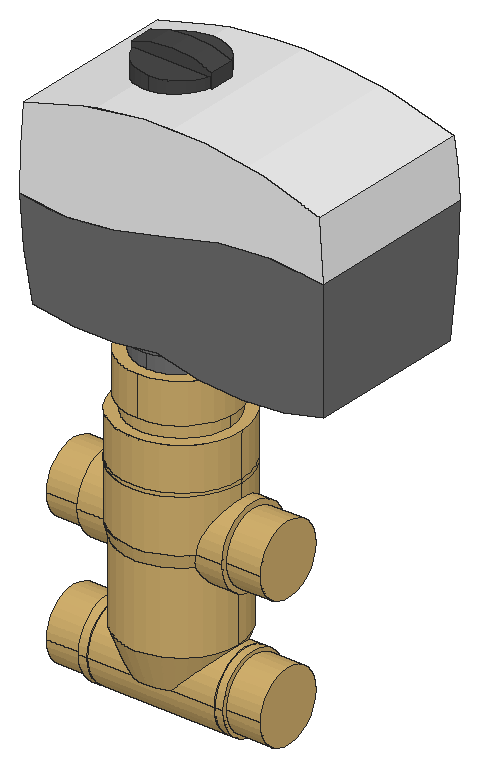
Revit family "VZ4_DN15-20_AMV(E) 130 H_140 H_RFA_1", category Pipe Accessories, Revit 2019
Family settings
  Round Connector Dimension = Use Diameter
  Part Type = Valve - Breaks Into
  OmniClass Number = 23.65.55.14.17
  OmniClass Title = Adjusting/Controlling Valves for Liquid Services
  Work Plane-Based = No
  Always vertical = Yes
  Cut with Voids When Loaded = No
  Shared = No
Parameters (values of type "VZ4_DN15_Kvs0.25_065Z5510")
  Weight = 0.51 kg
  W = 51.5 mm  # constant formula
  Voltage = if(or(Actuator Type = [082H8041], Actuator Type = [082H8043]), 230 V, 24 V)  # 24 V
  Valve Body Material = Danfoss Brass (DZR)
  URL = "https://store.danfoss.com/en/Climate-Solutions-for-heating/Motorised-Control-Valves-/Globe-Valves/Valves-for-Terminal-%26-Zone/c/4107?q=%3Arelevance%3Adanfoss_producttypehierarchydesc%3A6cc733bfba1914d8ebc07122ec55f7d9897b4040&page=0&pageSize=10"
  Stroke = "5.5 mm"  # constant formula
  R5 = 18.5 mm
  R6 = 13 mm
  R3 = 11.5 mm
  R4 = 18.5 mm
  R2 = 12 mm
  R1_1 = 11.5 mm
  R1 = 10.5 mm
  Pressure Drop [instance] = 0.0 bar
  Power = if(or(Actuator Type = [082H8041], Actuator Type = [082H8043]), 8 VA, if(or(Actuator Type = [082H8040], Actuator Type = [082H8042]), 1 VA, 1.3 VA))  # 1.3 VA
  Nominal Pressure = "PN 16"  # constant formula
  Model Type = "VZ4_DN15_Kvs0.25"
  Model = "065Z5510"
  Min Medium Temperature = "2°C"  # constant formula
  Max Operating Pressure = "1 bar"  # constant formula
  Max Medium Temperature = "120°C"  # constant formula
  Max Differential Pressure = "3.5 bar"
  Manufacturer = "Danfoss"  # constant formula
  LOD 350 = not(LOD 200)  # yes
  LOD 200 = no
  L1 = 10.5 mm
  L = 65 mm
  Kvs (B-AB) = 0.25 m³/h
  Kvs (A-AB) = 0.25 m³/h
  IfcExportType = "VZ4"  # constant formula
  IfcExportAs = "IfcValveType"  # constant formula
  Ha [instance] = 129.6 mm
  H3 = 51.5 mm
  H1 = 4 mm
  H2 = 30 mm  # constant formula
  H [instance] = 181.1 mm
  Flow [instance] = 0.0 m³/h
  E1 = 17 mm
  Description = "Motorized Control Valve"  # constant formula
  D1 = R2 * 2  # 24 mm
  D = 15 mm
  Connection = "External Thread"  # constant formula
  C = 40 mm
  Actuator Type = AMV(E) 130 H_140 H_RFA : AME 130 H_24V_082H8046
  082H8043 = AMV(E) 130 H_140 H_RFA : AMV 140 H_230V_082H8043
  082H8042 = AMV(E) 130 H_140 H_RFA : AMV 140 H_24V_082H8042
  082H8041 = AMV(E) 130 H_140 H_RFA : AMV 130 H_230V_082H8041
  082H8040 = AMV(E) 130 H_140 H_RFA : AMV 130 H_24V_082H8040
Types (9, lengths in mm): name | Weight | Voltage | R5 | R3 | R2 | R1_1 | R1 | Power | Model Type | Model | Max Differential Pressure | L1 | L | Kvs (B-AB) | Kvs (A-AB) | H3 | H1 | E1 | D1 | D | C | Actuator Type
  (no name) | 0.51 kg | 24 V | 18.5 | 11.5 | 12 | 11.5 | 10.5 | 1.3 VA | "VZ4_DN15_Kvs0.25" | "065Z5510" | "3.5 bar" | 10.5 | 65 | 0.25 m³/h | 0.25 m³/h | 51.5 | 4 | 17 | 24 | 15 | 40 | AMV(E) 130 H_140 H_RFA : AME 130 H_24V_082H8046
  VZ4_DN20_Kvs2.5_065Z5520 | 0.62 kg | 24 V | 22.123 | 12 | 17.5 | 14.3 | 14.3 | 1.3 VA | "VZ4_DN20_Kvs2.5" | "065Z5520" | "2.5 bar" | 11.5 | 77 | 1.6 m³/h | 2.5 m³/h | 64.5 | 8.8 | 21 | 35 | 20 | 50 | AMV(E) 130 H_140 H_RFA : AME 130 H_24V_082H8046
  VZ4_DN15_Kvs0.4_065Z5511 | 0.51 kg | 24 V | 18.5 | 11.5 | 12 | 11.5 | 10.5 | 1.3 VA | "VZ4_DN15_Kvs0.4" | "065Z5511" | "3.5 bar" | 10.5 | 65 | 0.25 m³/h | 0.4 m³/h | 51.5 | 4 | 17 | 24 | 15 | 40 | AMV(E) 130 H_140 H_RFA : AME 130 H_24V_082H8046
  VZ4_DN15_Kvs0.63_065Z5512 | 0.51 kg | 24 V | 18.5 | 11.5 | 12 | 11.5 | 10.5 | 1.3 VA | "VZ4_DN15_Kvs0.63" | "065Z5512" | "3.5 bar" | 10.5 | 65 | 0.4 m³/h | 0.63 m³/h | 51.5 | 4 | 17 | 24 | 15 | 40 | AMV(E) 130 H_140 H_RFA : AME 130 H_24V_082H8046
  VZ4_DN15_Kvs1.0_065Z5513 | 0.51 kg | 24 V | 18.5 | 11.5 | 12 | 11.5 | 10.5 | 1.3 VA | "VZ4_DN15_Kvs1.0" | "065Z5513" | "3.5 bar" | 10.5 | 65 | 0.63 m³/h | 1.0 m³/h | 51.5 | 4 | 17 | 24 | 15 | 40 | AMV(E) 130 H_140 H_RFA : AME 130 H_24V_082H8046
  VZ4_DN15_Kvs1.6_065Z5514 | 0.51 kg | 24 V | 18.5 | 11.5 | 12 | 11.5 | 10.5 | 1.3 VA | "VZ4_DN15_Kvs1.6" | "065Z5514" | "3.5 bar" | 10.5 | 65 | 1.0 m³/h | 1.6 m³/h | 51.5 | 4 | 17 | 24 | 15 | 40 | AMV(E) 130 H_140 H_RFA : AME 130 H_24V_082H8046
  VZ4_DN15_Kvs2.5_065Z5515 | 0.51 kg | 24 V | 18.5 | 11.5 | 12 | 11.5 | 10.5 | 1.3 VA | "VZ4_DN15_Kvs2.5" | "065Z5515" | "3.5 bar" | 10.5 | 65 | 1.6 m³/h | 2.5 m³/h | 51.5 | 4 | 17 | 24 | 15 | 40 | AMV(E) 130 H_140 H_RFA : AME 130 H_24V_082H8046
  VZ4_DN20_Kvs4.0_065Z5521 | 0.62 kg | 230 V | 22.123 | 12 | 17.5 | 14.3 | 14.3 | 8 VA | "VZ4_DN20_Kvs4.0" | "065Z5521" | "2.5 bar" | 11.5 | 77 | 2.5 m³/h | 4.0 m³/h | 64.5 | 8.8 | 21 | 35 | 20 | 50 | AMV(E) 130 H_140 H_RFA : AMV 140 H_230V_082H8043
  VZ4_DN15_Kvs0.25_065Z5510 | 0.51 kg | 24 V | 18.5 | 11.5 | 12 | 11.5 | 10.5 | 1.3 VA | "VZ4_DN15_Kvs0.25" | "065Z5510" | "3.5 bar" | 10.5 | 65 | 0.25 m³/h | 0.25 m³/h | 51.5 | 4 | 17 | 24 | 15 | 40 | AMV(E) 130 H_140 H_RFA : AME 130 H_24V_082H8046
Reference planes
  plane 1 "Center (Front/Back)": y = 0
  plane 2: z = 0
  plane 3 "Center (Left/Right)": x = 0
  plane 4: z = -51.5
  plane 5: x = -32.5
  plane 6: x = 32.5
  plane 7: x = -22
  plane 8: x = 22
  plane 9: z = 30
  plane 10: z = 39.9
  plane 11 "c": z = -40
  plane 12: z = -40
  plane 13: x = -19.4
  plane 14: x = 19.4
  plane 15: z = -28.5
  plane 16: z = -4
  plane 17: z = 16
  plane 18: y = -25.75
  plane 19: y = 25.75
Forms (mm)
  Extrusion 1, solid, material "Danfoss Brass (DZR)" <- "Valve Body Material", visible <- "LOD 350", detail levels fine
    sketch origin (0, 0, 0) x (0, 1, 0) y (0, 0, 1)
      loop
        circle (0, 0) r 10.5
    from 22 to 32.5
  Extrusion 2, solid, material "Danfoss Brass (DZR)" <- "Valve Body Material", visible <- "LOD 350", detail levels fine
    sketch origin (0, 0, 0) x (0, 1, 0) y (0, 0, 1)
      loop
        circle (0, 0) r 10.5
    from -32.5 to -22
  Extrusion 3, solid, material "Danfoss Brass (DZR)" <- "Valve Body Material", visible <- "LOD 350", detail levels fine
    sketch origin (0, 0, 0) x (0, 1, 0) y (0, 0, 1)
      loop
        circle (0, 0) r 12
    from -22 to 22
  Extrusion 4, solid, material "Danfoss Brass (DZR)" <- "Valve Body Material", visible <- "LOD 350", detail levels fine
    sketch origin (0, 0, 0) x (1, 0, 0) y (0, 1, 0)
      loop
        circle (0, 0) r 17.5
    from -28.5 to -4
  Extrusion 5, solid, material "Danfoss Brass (DZR)" <- "Valve Body Material", visible <- "LOD 350", detail levels fine
    sketch origin (0, 0, 0) x (1, 0, 0) y (0, 1, 0)
      loop
        circle (0, 0) r 18.5
    from 17 <- "E1" to 30
  Extrusion 6, solid, material "Danfoss Brass (DZR)" <- "Valve Body Material", visible <- "LOD 200", detail levels fine
    sketch origin (0, 0, 0) x (0, 1, 0) y (0, 0, 1)
      loop
        circle (0, 0) r 10.5
    from -32.5 to 32.5
  Extrusion 7, solid, material "Danfoss Brass (DZR)" <- "Valve Body Material", visible <- "LOD 200", detail levels fine
    sketch origin (0, 0, 0) x (1, 0, 0) y (0, 1, 0)
      loop
        circle (0, 0) r 18.5
    from -40 to 39.9
  Extrusion 8, solid, material "Danfoss Brass (DZR)" <- "Valve Body Material", visible <- "LOD 350", detail levels fine
    sketch origin (0, 0, -40) x (0, 1, 0) y (0, 0, 1)
      loop
        circle (0, 0) r 11.5
    from -19.4 to 19.4
  Extrusion 9, solid, material "Danfoss Brass (DZR)" <- "Valve Body Material", visible <- "LOD 350", detail levels fine
    sketch origin (0, 0, -40.189) x (0, 1, 0) y (0, 0, 1)
      loop
        circle (0, 0.189) r 10.5
    from 22 to 32.5
  Extrusion 10, solid, material "Danfoss Brass (DZR)" <- "Valve Body Material", visible <- "LOD 350", detail levels fine
    sketch origin (0, 0, -40.189) x (0, 1, 0) y (0, 0, 1)
      loop
        circle (0, 0.189) r 10.5
    from -32.5 to -22
  Blend 11, solid, material "Danfoss Brass (DZR)" <- "Valve Body Material", visible <- "LOD 350", detail levels fine
    base sketch origin (0, 0, 0) x (0, 1, 0) y (0, 0, 1)
      loop
        circle (0, -40) r 11.5
    top sketch origin (0, 0, 0) x (0, 1, 0) y (0, 0, 1)
      loop
        circle (0, -40) r 11.5
    from -22 to -19.4
  Blend 12, solid, material "Danfoss Brass (DZR)" <- "Valve Body Material", visible <- "LOD 350", detail levels fine
    base sketch origin (0, 0, 0) x (0, 1, 0) y (0, 0, -1)
      loop
        circle (0, 40) r 11.5
    top sketch origin (0, 0, 0) x (0, 1, 0) y (0, 0, -1)
      loop
        circle (0, 40) r 11.5
    from -22 to -19.4
  Extrusion 13, solid, material "Danfoss Brass (DZR)" <- "Valve Body Material", visible <- "LOD 200", detail levels fine
    sketch origin (0, 0, -49.6) x (0, 1, 0) y (0, 0, 1)
      loop
        circle (0, 9.6) r 10.5
    from -32.5 to 32.5
  Blend 14, solid, material "Danfoss Brass (DZR)" <- "Valve Body Material", visible <- "LOD 350", detail levels fine
    base sketch origin (0, 0, 0) x (1, 0, 0) y (0, 1, 0)
      loop
        circle (0, 0) r 17.5
    top sketch origin (0, 0, 0) x (1, 0, 0) y (0, 1, 0)
      loop
        circle (0, 0) r 13
    from -28.5 to -40
  Revolve 15, solid, material "Danfoss Brass (DZR)" <- "Valve Body Material", visible <- "LOD 350", detail levels fine
    sketch origin (0, 0, 0) x (1, 0, 0) y (0, 0, 1)
      loop
        line (0, 39.9) -> (0, 30) -> (15, 30) -> (15, 39.9) -> (0, 39.9)
      axis (0, 39.9) -> (0, 30)
    angle from 0 to 360
  Extrusion 16, solid, material "Danfoss Brass (DZR)" <- "Valve Body Material", visible <- "LOD 350", detail levels fine
    sketch origin (0, 0, 0) x (1, 0, 0) y (0, 1, 0)
      loop
        circle (0, 0) r 18.5
    from 0 to 16
  Blend 17, solid, material "Danfoss Brass (DZR)" <- "Valve Body Material", visible <- "LOD 350", detail levels fine
    base sketch origin (0, 0, 0) x (1, 0, 0) y (0, 1, 0)
      loop
        circle (0, 0) r 18.5
    top sketch origin (0, 0, 0) x (1, 0, 0) y (0, 1, 0)
      loop
        circle (0, 0) r 18.5
    from 16 to 17 <- "E1"
  Blend 18, solid, material "Danfoss Brass (DZR)" <- "Valve Body Material", visible <- "LOD 350", detail levels fine
    base sketch origin (0, 0, 0) x (1, 0, 0) y (0, 1, 0)
      loop
        circle (0, 0) r 17.5
    top sketch origin (0, 0, 0) x (1, 0, 0) y (0, 1, 0)
      loop
        circle (0, 0) r 18.5
    from -4 to 0
Dimensions and locks
  "H3": level to plane 4
  "H2": plane 9 to level
  "L": plane 6 to plane 5
  "L1": plane 7 to plane 5
  "L1": plane 6 to plane 8
  equal spacing: plane 6, plane 3 "Center (Left/Right)", plane 5
  locked: plane 10 to plane 9 at 9.9
  level to plane 4 = 51.5 mm
  "R3": plane 12 to plane 4
  "C": level to plane 11 "c"
  locked: plane 13 to plane 7 at 2.6
  locked: plane 8 to plane 14 at 2.6
  "R3": plane 15 to plane 11 "c"
  Revolve 15 sketch curve to Revolve 15 sketch curve = 15 mm
  locked: plane 17 to level at 16
  "H1": level to plane 16
  level to plane 11 "c" = 40 mm
  equal spacing: plane 18, plane 1 "Center (Front/Back)", plane 19
  "W": plane 18 to plane 19
  locked: plane 10 to nested 2 at 5.6
  "Ha": nested 2 to plane 2
  "H": nested 2 to plane 4
  "R1": radius of Extrusion 1 sketch curve
  "R1": radius of Extrusion 2 sketch curve
  "R2": radius of Extrusion 3 sketch curve
  "R4": radius of Extrusion 5 sketch curve
  "R1": radius of Extrusion 6 sketch curve
  "R3": radius of Extrusion 8 sketch curve
  "R1": radius of Extrusion 9 sketch curve
  "R1": radius of Extrusion 10 sketch curve
  "R1_1": radius of Blend 11 sketch curve
  "R3": radius of Blend 11 sketch curve
  "R1_1": radius of Blend 12 sketch curve
  "R3": radius of Blend 12 sketch curve
  "R1": radius of Extrusion 13 sketch curve
  "R6": radius of Blend 14 sketch curve
  "R5": radius of Extrusion 16 sketch curve
  "R5": radius of Blend 17 sketch curve
  "R4": radius of Blend 17 sketch curve
  "R5": radius of Blend 18 sketch curve
  radius of Extrusion 4 sketch curve = 17.5 mm
  radius of Blend 18 sketch curve = 17.5 mm
  "R4": radius of Extrusion 7 sketch curve
  radius of Blend 14 sketch curve = 17.5 mm
  aligned and locked: level to plane 2
  aligned and locked: plane 1 "Center (Front/Back)" to Extrusion 1 sketch curve
  aligned and locked: level to Extrusion 1 sketch curve
  aligned and locked: plane 6 to Extrusion 1
  aligned and locked: Extrusion 1 to plane 8
  aligned and locked: plane 1 "Center (Front/Back)" to Extrusion 2 sketch curve
  aligned and locked: level to Extrusion 2 sketch curve
  aligned and locked: Extrusion 2 to plane 5
  aligned and locked: plane 7 to Extrusion 2
  aligned and locked: plane 1 "Center (Front/Back)" to Extrusion 3 sketch curve
  aligned and locked: level to Extrusion 3 sketch curve
  aligned and locked: Extrusion 3 to plane 7
  aligned and locked: plane 8 to Extrusion 3
  aligned and locked: plane 3 "Center (Left/Right)" to Extrusion 4 sketch curve
  aligned and locked: plane 1 "Center (Front/Back)" to Extrusion 4 sketch curve
  aligned and locked: plane 3 "Center (Left/Right)" to Extrusion 5 sketch curve
  aligned and locked: plane 1 "Center (Front/Back)" to Extrusion 5 sketch curve
  aligned and locked: plane 9 to Extrusion 5
  aligned and locked: plane 1 "Center (Front/Back)" to Extrusion 6 sketch curve
  aligned and locked: level to Extrusion 6 sketch curve
  aligned and locked: Extrusion 6 to plane 5
  aligned and locked: plane 6 to Extrusion 6
  aligned and locked: plane 3 "Center (Left/Right)" to Extrusion 7 sketch curve
  aligned and locked: plane 1 "Center (Front/Back)" to Extrusion 7 sketch curve
  aligned and locked: plane 10 to Extrusion 7
  aligned and locked: plane 1 "Center (Front/Back)" to Extrusion 10 sketch curve
  aligned and locked: plane 11 "c" to Extrusion 10 sketch curve
  aligned and locked: plane 1 "Center (Front/Back)" to Extrusion 8 sketch curve
  aligned and locked: plane 1 "Center (Front/Back)" to Extrusion 9 sketch curve
  aligned and locked: plane 11 "c" to Extrusion 9 sketch curve
  aligned and locked: Extrusion 10 to plane 5
  aligned and locked: plane 6 to Extrusion 9
  aligned and locked: plane 7 to Extrusion 10
  aligned and locked: Extrusion 9 to plane 8
  aligned and locked: Extrusion 8 to plane 13
  aligned and locked: plane 14 to Extrusion 8
  aligned and locked: plane 1 "Center (Front/Back)" to Blend 11 sketch curve  (x2)
  aligned and locked: plane 11 "c" to Blend 11 sketch curve  (x2)
  aligned and locked: Blend 11 to plane 7
  aligned and locked: plane 13 to Blend 11
  aligned and locked: plane 8 to Blend 12
  aligned and locked: Blend 12 to plane 14
  aligned and locked: plane 1 "Center (Front/Back)" to Extrusion 13 sketch curve
  aligned and locked: plane 11 "c" to Extrusion 13 sketch curve
  aligned and locked: plane 11 "c" to Extrusion 8 sketch curve
  aligned and locked: Extrusion 7 to plane 11 "c"
  aligned and locked: Extrusion 13 to plane 5
  aligned and locked: plane 6 to Extrusion 13
  aligned and locked: Extrusion 4 to plane 15
  aligned and locked: plane 3 "Center (Left/Right)" to Blend 14 sketch curve  (x2)
  aligned and locked: plane 1 "Center (Front/Back)" to Blend 14 sketch curve  (x2)
  aligned and locked: plane 15 to Blend 14
  aligned and locked: Blend 14 to plane 11 "c"
  aligned and locked: plane 1 "Center (Front/Back)" to nested 1
  aligned and locked: plane 3 "Center (Left/Right)" to nested 1
  aligned and locked: nested 1 to plane 3 "Center (Left/Right)"
  aligned and locked: Revolve 15 sketch curve to plane 3 "Center (Left/Right)"  (x2)
  aligned and locked: Revolve 15 sketch curve to plane 9
  aligned and locked: Revolve 15 sketch curve to plane 10
  aligned and locked: Revolve 15 sketch curve to Extrusion 4
  aligned and locked: plane 17 to Extrusion 16
  aligned and locked: Blend 17 to plane 17
  aligned and locked: Blend 18 to plane 16
  aligned and locked: level to Blend 18
  aligned and locked: plane 16 to Extrusion 4
  aligned and locked: plane 3 "Center (Left/Right)" to nested 2
  aligned and locked: nested 2 to plane 1 "Center (Front/Back)"
Automatic sketch dimensions
  plane 1 "Center (Front/Back)" to Blend 18 sketch curve = 0 mm  (x2)
  Blend 18 sketch curve to plane 3 "Center (Left/Right)" = 0 mm  (x2)
  plane 10 to Revolve 15 sketch curve = 12.3 mm
  Blend 12 sketch curve to plane 1 "Center (Front/Back)" = 0 mm  (x2)
  Blend 12 sketch curve to plane 11 "c" = 0 mm  (x2)
  plane 1 "Center (Front/Back)" to Extrusion 16 sketch curve = 0 mm
  Extrusion 16 sketch curve to plane 3 "Center (Left/Right)" = 0 mm
  plane 1 "Center (Front/Back)" to Blend 17 sketch curve = 0 mm  (x2)
  Blend 17 sketch curve to plane 3 "Center (Left/Right)" = 0 mm  (x2)
Nested families
  nested 1: "Schematic_4-Way Valve" at (0, 0, 0), type "Schematic_4-Way Valve", detail levels coarse+medium
  nested 2: "AMV(E) 130 H_140 H_RFA" at (0, 0, 34.3) x (0, 1, 0) z (0, 0, 1), LOD 200 <- "LOD 200", type <- "Actuator Type", Voltage <- "Voltage", Power <- "Power", type "AME 130 H_24V_082H8046", detail levels fine
    with Voltage 24 V, Power 1.3 VA, LOD 350 yes, LOD 200 no
Connectors
  piping at (32.5, 0, 0), diameter 15, driven by "D", driven by "Flow"
    settings: on Extrusion 1, index 1, connector inside diameter 609.6 mm, connector length 0 mm, flow factor 0, pipe flow 0.0 m³/h, pressure drop 0.0 bar, fitting loss kfactor 0, connector angle 0.00°, fixture units 0, engagement length 0 mm, angle of deflection 0.00°, flow configuration 0, flow direction 2, fitting loss method 0, system type 29, joint type 0, gender type 0, connector reference index 2, connector utility 0, adjustable connector no, is connector primary no, connector description "AB"
  piping at (-32.5, 0, 0), diameter 15, driven by "D", driven by "Flow"
    settings: on Extrusion 2, index 2, connector inside diameter 609.6 mm, connector length 0 mm, flow factor 0, pipe flow 0.0 m³/h, pressure drop 0.0 bar, fitting loss kfactor 0, connector angle 0.00°, fixture units 0, engagement length 0 mm, angle of deflection 0.00°, flow configuration 0, flow direction 1, fitting loss method 0, system type 29, joint type 0, gender type 0, connector reference index 1, connector utility 0, adjustable connector no, is connector primary yes, connector description "A"
  piping at (32.5, 0, -40), diameter 15, driven by "Flow", driven by "D"
    settings: on Extrusion 9, index 3, connector inside diameter 609.6 mm, connector length 0 mm, flow factor 0, pipe flow 0.0 m³/h, pressure drop 0.0 bar, fitting loss kfactor 0, connector angle 0.00°, fixture units 0, engagement length 0 mm, angle of deflection 0.00°, flow configuration 0, flow direction 1, fitting loss method 0, system type 29, joint type 0, gender type 0, connector reference index 4, connector utility 0, adjustable connector no, is connector primary no, connector description "B"
  piping at (-32.5, 0, -40), diameter 15, driven by "Flow", driven by "D"
    settings: on Extrusion 10, index 4, connector inside diameter 609.6 mm, connector length 0 mm, flow factor 0, pipe flow 0.0 m³/h, pressure drop 0.0 bar, fitting loss kfactor 0, connector angle 0.00°, fixture units 0, engagement length 0 mm, angle of deflection 0.00°, flow configuration 0, flow direction 2, fitting loss method 0, system type 29, joint type 0, gender type 0, connector reference index 3, connector utility 0, adjustable connector no, is connector primary no, connector description "B"
  electrical at (0, 0, 0), driven by "Voltage", driven by "Power"
    settings: index 8, voltage 24 V, apparent load 0 VA, apparent load phase1 1.3 VA, apparent load phase2 0 VA, apparent load phase3 0 VA, power factor 0.95, load classification "HVAC", number of poles 1, system type 31, power factor state 1, is connector primary yes, connector utility no, sub classification motor no, connector description ""
Definition of nested family "AMV(E) 130 H_140 H_RFA"
  Parameters (values of type "AME 130 H_24V_082H8046")
    Weight = 0.30 kg  # constant formula
    W3 = 28.8 mm
    W2 = 26 mm
    W1 = 33 mm
    W [instance] = 50 mm
    Voltage [instance] = 24 V
    URL = "https://store.danfoss.com/en/Climate-Solutions-for-heating/Motorised-Control-Valves/Actuators-for-Globe-Valves/Actuators-Without-Safety-Function/c/4109?q=%3Arelevance%3Adanfoss_producttypehierarchydesc%3AAME+130+H%3Adanfoss_producttypehierarchydesc%3AAME+140+H%3Adanfoss_producttypehierarchydesc%3AAMV+130+H%3Adanfoss_producttypehierarchydesc%3AAMV+140+H&page=0&pageSize=10"
    Type Comments = ""
    Speed = "24 s/mm"
    Safety Function = "No"  # constant formula
    Power Supply = "24 V"
    Power Consumption = "1.3 W"
    Power [instance] = 1.3 VA
    Output Signal = "NA"  # constant formula
    Model Type = "AME 130 H_24V"
    Model = "082H8046"
    Min Ambient Temperature = "0 °C"  # constant formula
    Max Stroke = 5.5 mm  # constant formula
    Max Medium Temperature = "130 °C"  # constant formula
    Max Ambient Temperature = "55 °C"  # constant formula
    Manufacturer = "Danfoss"  # constant formula
    LOD 350 [instance] = not(LOD 200)  # yes
    LOD 200 [instance] = no
    L1 = 28.4 mm
    L [instance] = 92.4 mm
    IfcExportType = "AME 130 H"
    IfcExportAs = "IfcActuatorType"  # constant formula
    H1 = 12 mm
    H [instance] = 95.3 mm
    Description = "Gear Actuator"  # constant formula
    Control Input Signal = "0-10 V / 0-20 mA"
    Closing Force = "200 N"  # constant formula
    Cable Length = 1500 mm  # constant formula
    Body Material = none
  Types (6, lengths in mm): name | Voltage | Speed | Power Supply | Power Consumption | Power | Model Type | Model | IfcExportType | Control Input Signal
    AME 130 H_24V_082H8046 | 24 V | "24 s/mm" | "24 V" | "1.3 W" | 1.3 VA | "AME 130 H_24V" | "082H8046" | "AME 130 H" | "0-10 V / 0-20 mA"
    AME 140 H_24V_082H8047 | 24 V | "12 s/mm" | "24 V" | "1.3 W" | 1.3 VA | "AME 140 H_24V" | "082H8047" | "AME 140 H" | "0-10 V / 0-20 mA"
    AMV 130 H_230V_082H8041 | 230 V | "24 s/mm" | "230 V" | "8 W" | 8 VA | "AMV 130 H_230V" | "082H8041" | "AMV 130 H" | "3-point"
    AMV 130 H_24V_082H8040 | 24 V | "24 s/mm" | "24 V" | "1 W" | 1 VA | "AMV 130 H_24V" | "082H8040" | "AMV 130 H" | "3-point"
    AMV 140 H_24V_082H8042 | 24 V | "12 s/mm" | "24 V" | "1 W" | 1 VA | "AMV 140 H_24V" | "082H8042" | "AMV 140 H" | "3-point"
    AMV 140 H_230V_082H8043 | 230 V | "12 s/mm" | "230 V" | "8 W" | 8 VA | "AMV 140 H_230V" | "082H8043" | "AMV 140 H" | "3-point"
  Reference planes
    plane 1 "Center (Front/Back)": y = 0
    plane 2: z = 0
    plane 3 "Center (Left/Right)": x = 0
    plane 4: z = 12
    plane 5: y = -64
    plane 6: y = 28.4
    plane 7: z = 95.3
    plane 8: x = 25
    plane 9: x = -25
    plane 10: x = -16.5
    plane 11: x = 16.5
    plane 12: z = 32
    plane 13: x = -13
    plane 14: x = 13
    plane 15: x = -14.4
    plane 16: x = 14.4
    plane 17 "Plane Bottom": z = 17.2
    plane 18: y = 25.9
    plane 19: y = 27.4
    plane 20: z = 80.4
    plane 21: y = -62.5
    plane 22: z = 23.2
    plane 23: z = 25.4
    plane 24: z = 55.5
    plane 25: z = 63
    plane 26: z = 64.5
    plane 27: z = 54
    plane 28: z = 20.7
    plane 29: y = -26
    plane 30: y = -38.5
    plane 31: z = 88.4
    plane 32: x = -24.5
    plane 33: x = 24.5
    plane 34: x = -23.5
    plane 35: x = 23.5
    plane 36: x = -27
    plane 37: x = 27
    plane 38: y = 27.9
    plane 39: x = -22.5
    plane 40: y = -63.5
    plane 41: x = 22.5
  Forms (mm)
    Extrusion 1, solid, detail levels fine
      sketch origin (0, 0, 0) x (1, 0, 0) y (0, 1, 0)
        loop
          circle (0, 0) r 16.5
      from 0 to 12
    Revolve 2, solid, material <- "Body Material", visible <- "LOD 350", detail levels fine
      sketch origin (0, 0, 0) x (1, 0, 0) y (0, 0, 1)
        loop
          line (-14.4, 17.2) -> (-13, 17.2) -> (-13, 12) -> (0, 12) -> (0, 32) -> (-14.4, 32) -> (-14.4, 17.2)
        axis (0, 32) -> (0, 12)
      angle from 0 to 360
    Extrusion 3, solid, material <- "Body Material", visible <- "LOD 350", detail levels fine
      sketch origin (0, 0, 0) x (0, 1, 0) y (0, 0, 1)
        loop
          arc (-64, 63) -> (-63.628, 44.185) -> (-62.5, 25.4) r 467.805
          arc (-62.5, 25.4) -> (-37.177, 21.094) -> (-11.807, 25.112) r 79.267
          arc (-11.807, 25.112) -> (7.062, 23.2) -> (25.9, 25.4) r 87.494
          arc (25.9, 25.4) -> (27.789, 40.397) -> (28.4, 55.5) r 178.069
          arc (28.4, 55.5) -> (14.2, 54) -> (0, 55.5) r 67.953
          arc (0, 55.5) -> (-16.037, 59.092) -> (-31.999, 63) r 834.074
          arc (-31.999, 63) -> (-48, 64.5) -> (-64, 63) r 86.072
      from -27 to 27
    Extrusion 4, solid, visible <- "LOD 350", detail levels fine
      sketch origin (0, 0, 0) x (0, 1, 0) y (0, 0, 1)
        loop
          arc (-62.5, 80.4) -> (-63.467, 71.719) -> (-64, 63) r 175.37
          arc (-64, 63) -> (-48, 64.5) -> (-31.999, 63) r 86.072
          arc (-31.999, 63) -> (-16.037, 59.092) -> (0, 55.5) r 834.074
          arc (0, 55.5) -> (14.2, 54) -> (28.4, 55.5) r 67.953
          arc (28.4, 55.5) -> (28.204, 67.962) -> (27.4, 80.4) r 255.314
          arc (27.4, 80.4) -> (-17.55, 88.505) -> (-62.5, 80.4) r 128.693
      from -27 to 27
    Extrusion 5, solid, material <- "Body Material", visible <- "LOD 350", detail levels fine
      sketch origin (0, 0, 17.2) x (-1, 0, 0) y (0, -1, 0)
        loop
          line (-2.173, 26) -> (-2.173, 38.5) -> (-9.373, 38.5) -> (-9.373, 26) -> (-2.173, 26)
      from 0 to 8.2
    Extrusion 6, void
      sketch origin (0, 0, 0) x (1, 0, 0) y (0, 0, 1)
        loop
          line (-24.358, 96.3) -> (24.197, 96.3)
          arc (24.197, 96.3) -> (25.812, 56.717) -> (23.013, 17.2) r 355.559
          line (23.013, 17.2) -> (29.5, 17.2) -> (29.5, 100.3) -> (-30, 100.3) -> (-30, 17.2) -> (-23.022, 17.2)
          arc (-23.022, 17.2) -> (-25.746, 56.715) -> (-24.358, 96.3) r 381.551
      from -39.301 to 75.38
    Revolve 7, solid, material <- "Body Material", visible <- "LOD 200", detail levels fine
      sketch origin (0, 0, 0) x (1, 0, 0) y (0, 0, 1)
        loop
          line (-13, 12) -> (0, 12) -> (0, 32) -> (-13, 32) -> (-13, 12)
        axis (0, 12) -> (0, 32)
      angle from 0 to 360
    Blend 8, solid, material <- "Body Material", visible <- "LOD 200", detail levels fine
      base sketch origin (0, 0, 0) x (1, 0, 0) y (0, 1, 0)
        loop
          line (-23.927, -62.5) -> (23.5, -62.5) -> (23.5, 25.9) -> (-23.927, 25.9) -> (-23.927, -62.5)
      top sketch origin (0, 0, 0) x (1, 0, 0) y (0, 1, 0)
        loop
          line (-25.723, 28.4) -> (-25.723, -64) -> (24.898, -64) -> (24.898, 28.4) -> (-25.723, 28.4)
      from 25.4 to 63
    Blend 9, solid, visible <- "LOD 200", detail levels fine
      base sketch origin (0, 0, 0) x (1, 0, 0) y (0, 1, 0)
        loop
          line (-25.723, 28.4) -> (-25.723, -64) -> (24.898, -64) -> (24.898, 28.4) -> (-25.723, 28.4)
      top sketch origin (0, 0, 0) x (1, 0, 0) y (0, 1, 0)
        loop
          line (-25.41, 27.4) -> (-25.41, -62.5) -> (25.377, -62.5) -> (25.377, 27.4) -> (-25.41, 27.4)
      from 63 to 88.4
    Extrusion 10, solid, visible <- "LOD 350", detail levels fine
      sketch origin (0, 0, 0) x (0, 1, 0) y (0, 0, 1)
        loop
          arc (12.233, 92.84) -> (-0.068, 95.3) -> (-12.368, 92.84) r 31.976
          line (-12.368, 92.84) -> (-12.368, 80.4) -> (12.233, 80.4) -> (12.233, 92.84)
      from -3.608 to 3.729
    Extrusion 11, solid, visible <- "LOD 350", detail levels fine
      sketch origin (0, 0, 0) x (1, 0, 0) y (0, 1, 0)
        loop
          circle (0, 0) r 12.233
      from 80.4 to 91.462
    Extrusion 12, solid, visible <- "LOD 200", detail levels fine
      sketch origin (0, 0, 0) x (1, 0, 0) y (0, 1, 0)
        loop
          circle (0, 0) r 12.233
      from 80.4 to 95.3
  Cuts and joins
    Extrusion 6 cuts Extrusion 3
    Extrusion 6 cuts Extrusion 4
  Dimensions and locks
    plane 5 to plane 6 = 92.4 mm
    equal spacing: plane 8, plane 3 "Center (Left/Right)", plane 9
    "W": plane 8 to plane 9
    locked: plane 7 to level at 95.3
    "H1": plane 4 to level
    equal spacing: plane 11, plane 3 "Center (Left/Right)", plane 10
    "W1": plane 11 to plane 10
    equal spacing: plane 14, plane 3 "Center (Left/Right)", plane 13
    "W2": plane 14 to plane 13
    equal spacing: plane 16, plane 3 "Center (Left/Right)", plane 15
    "W3": plane 16 to plane 15
    "L1": plane 1 "Center (Front/Back)" to plane 6
    plane 12 to level = 32 mm
    plane 17 "Plane Bottom" to plane 4 = 5.2 mm
    plane 17 "Plane Bottom" to level = 17.2 mm
    Extrusion 5 sketch curve to Extrusion 5 sketch curve = 7.2 mm
    plane 37 to plane 3 "Center (Left/Right)" to plane 36 = 27 mm, 27 mm
    plane 31 to level = 88.4 mm
    "H": plane 7 to level
    "L": plane 6 to plane 5
    diameter of Extrusion 1 sketch curve = 33 mm
    radius of Extrusion 11 sketch curve = 12.233 mm
    radius of Extrusion 12 sketch curve = 12.233 mm
    aligned and locked: level to plane 2
    aligned and locked: plane 4 to Extrusion 1
    aligned and locked: plane 15 to Revolve 2 sketch curve
    aligned and locked: Revolve 2 sketch curve to plane 12
    aligned and locked: Revolve 2 sketch curve to plane 17 "Plane Bottom"
    aligned and locked: Revolve 2 sketch curve to plane 13
    aligned and locked: Revolve 2 sketch curve to plane 4
    aligned and locked: plane 3 "Center (Left/Right)" to Revolve 2 sketch curve
    aligned and locked: Revolve 2 sketch curve to Revolve 2 sketch curve
    aligned and locked: Extrusion 5 sketch curve to plane 30
    aligned and locked: plane 29 to Extrusion 5 sketch curve
    aligned and locked: plane 23 to Extrusion 5
    aligned and locked: Extrusion 4 to plane 36
    aligned and locked: plane 37 to Extrusion 4
    aligned and locked: Extrusion 6 sketch curve to plane 17 "Plane Bottom"
    aligned and locked: Revolve 7 sketch curve to plane 4
    aligned and locked: Revolve 7 sketch curve to plane 13
    aligned and locked: Revolve 7 sketch curve to plane 3 "Center (Left/Right)"
    aligned and locked: Revolve 7 sketch curve to plane 12
    aligned and locked: Revolve 7 sketch curve to Revolve 7 sketch curve  (x2)
    aligned and locked: Blend 8 sketch curve to cut or joined group of Extrusion 3, Extrusion 6  (x4)
    aligned and locked: Blend 8 sketch curve to plane 18
    aligned and locked: Blend 8 sketch curve to plane 35
    aligned and locked: Blend 8 to plane 23
    aligned and locked: plane 25 to Blend 8
    aligned and locked: Blend 9 sketch curve to Blend 8  (x4)
    aligned and locked: Blend 9 sketch curve to cut or joined group of Extrusion 4, Extrusion 6  (x4)
    aligned and locked: Blend 9 to plane 25
    aligned and locked: Extrusion 10 sketch curve to plane 20
    aligned and locked: plane 1 "Center (Front/Back)" to Extrusion 11 sketch curve
    aligned and locked: plane 3 "Center (Left/Right)" to Extrusion 11 sketch curve
    aligned and locked: Extrusion 11 to plane 20
    aligned and locked: Extrusion 12 to plane 20
    aligned and locked: plane 7 to Extrusion 12
    aligned and locked: plane 31 to Blend 9
  Automatic sketch dimensions
    plane 1 "Center (Front/Back)" to Extrusion 1 sketch curve = 0 mm
    Extrusion 1 sketch curve to plane 3 "Center (Left/Right)" = 0 mm
    Revolve 2 sketch curve to plane 4 = 0 mm
    Revolve 2 sketch curve to plane 12 = 0 mm
    Extrusion 3 sketch curve to plane 5 = 0 mm
    Extrusion 3 sketch curve to plane 21 = 0 mm
    Extrusion 3 sketch curve to plane 25 = 0 mm  (x2)
    Extrusion 3 sketch curve to plane 1 "Center (Front/Back)" = 0 mm  (x2)
    Extrusion 3 sketch curve to plane 18 = 0 mm
    Extrusion 3 sketch curve to plane 6 = 0 mm
    Extrusion 3 sketch curve to plane 23 = 0 mm  (x2)
    Extrusion 3 sketch curve to plane 24 = 0 mm  (x2)
    Extrusion 3 sketch curve to plane 24 = 0.364 mm
    Extrusion 3 sketch curve to plane 21 = 14.5 mm
    plane 7 to Extrusion 3 sketch curve = 5.06 mm
    Extrusion 3 sketch curve to plane 21 = 25.773 mm
    Extrusion 3 sketch curve to plane 1 "Center (Front/Back)" = 6.393 mm
    Extrusion 3 sketch curve to plane 6 = 145.895 mm
    Extrusion 3 sketch curve to plane 25 = 0.167 mm
    Extrusion 3 sketch curve to level = 21.572 mm
    Extrusion 3 sketch curve to Extrusion 3 sketch curve = 11.261 mm
    Extrusion 4 sketch curve to plane 5 = 0 mm
    Extrusion 4 sketch curve to plane 20 = 0 mm  (x2)
    Extrusion 4 sketch curve to plane 21 = 0 mm
    Extrusion 4 sketch curve to plane 19 = 0 mm
    Extrusion 4 sketch curve to plane 6 = 0 mm
    Extrusion 4 sketch curve to plane 24 = 0 mm  (x2)
    Extrusion 4 sketch curve to plane 25 = 0 mm  (x2)
    plane 24 to Extrusion 4 sketch curve = 2.217 mm
    plane 24 to Extrusion 4 sketch curve = 1.156 mm
    Extrusion 4 sketch curve to level = 40.188 mm
    Extrusion 4 sketch curve to plane 21 = 14.5 mm
    Extrusion 4 sketch curve to level = 21.572 mm
    Extrusion 4 sketch curve to plane 1 "Center (Front/Back)" = 0 mm  (x2)
    Extrusion 4 sketch curve to plane 6 = 145.895 mm
    plane 3 "Center (Left/Right)" to Extrusion 5 sketch curve = 2.173 mm
    plane 34 to Extrusion 6 sketch curve = 0.478 mm
    plane 35 to Extrusion 6 sketch curve = 0.487 mm
    Extrusion 6 sketch curve to plane 33 = 0.303 mm
    Extrusion 6 sketch curve to plane 25 = 0.963 mm
    plane 25 to Extrusion 6 sketch curve = 0.156 mm
    Extrusion 6 sketch curve to plane 28 = 3.5 mm
    plane 7 to Extrusion 6 sketch curve = 5 mm
    plane 8 to Extrusion 6 sketch curve = 4.5 mm
    Extrusion 6 sketch curve to plane 36 = 3 mm
    plane 32 to Extrusion 6 sketch curve = 0.142 mm
    plane 7 to Extrusion 6 sketch curve = 1 mm
    Revolve 7 sketch curve to plane 12 = 0 mm
    Blend 8 sketch curve to plane 5 = 0 mm
    Blend 8 sketch curve to plane 8 = 0.102 mm
    plane 1 "Center (Front/Back)" to Extrusion 10 sketch curve = 0.068 mm
    Extrusion 10 sketch curve to plane 1 "Center (Front/Back)" = 12.233 mm
    plane 25 to Extrusion 10 sketch curve = 0.324 mm
    Extrusion 10 sketch curve to plane 7 = 2.46 mm
    plane 1 "Center (Front/Back)" to Extrusion 10 sketch curve = 12.368 mm
    plane 1 "Center (Front/Back)" to Extrusion 12 sketch curve = 0 mm
    Extrusion 12 sketch curve to plane 3 "Center (Left/Right)" = 0 mm
Definition of nested family "Schematic_4-Way Valve"
  Parameters (values of type "Schematic_4-Way Valve")
    C = 40 mm
    L_1 = L / 2  # 32.5 mm
    L = 65 mm
    H = L  # 65 mm
    D1 = 22 mm
  Reference planes
    plane 1 "Center (Front/Back)": y = 0
    plane 2: z = 0
    plane 3 "Center (Left/Right)": x = 0
    plane 4: z = 11
    plane 5: z = -11
    plane 6: x = -32.5
    plane 7: x = 32.5
    plane 8: y = 11
    plane 9: y = -11
    plane 10: z = 65
    plane 11: z = 32.5
    plane 12: x = 16.25
    plane 13: x = -16.25
    plane 14: y = 65
    plane 15: y = 32.5
    plane 16: z = -40
    plane 17: z = -51
    plane 18: z = -29
  Lines and regions (mm)
    model lines
      curve 1: line (0, 0, 0) -> (32.5, 0, 11)
      curve 2: line (32.5, 0, 11) -> (32.5, 0, -11)
      curve 3: line (32.5, 0, -11) -> (0, 0, 0)
      curve 4: line (0, 0, 0) -> (-32.5, 0, 11)
      curve 5: line (-32.5, 0, 11) -> (-32.5, 0, -11)
      curve 6: line (-32.5, 0, -11) -> (0, 0, 0)
      curve 13: line (0, 0, 32.5) -> (0, 0, -40)
      curve 14: line (-16.25, 0, 65) -> (16.25, 0, 65)
      curve 15: line (-16.25, 0, 32.5) -> (-16.25, 0, 65)
      curve 16: line (16.25, 0, 32.5) -> (-16.25, 0, 32.5)
      curve 17: line (16.25, 0, 65) -> (16.25, 0, 32.5)
      curve 23: line (0, 0, -40) -> (32.5, 0, -29)
      curve 24: line (32.5, 0, -29) -> (32.5, 0, -51)
      curve 25: line (32.5, 0, -51) -> (0, 0, -40)
      curve 26: line (0, 0, -40) -> (-32.5, 0, -29)
      curve 27: line (-32.5, 0, -29) -> (-32.5, 0, -51)
      curve 28: line (-32.5, 0, -51) -> (0, 0, -40)
    symbolic lines
      curve 7: line (0, 0, 0) -> (32.5, 11, 0)
      curve 8: line (32.5, 11, 0) -> (32.5, -11, 0)
      curve 9: line (32.5, -11, 0) -> (0, 0, 0)
      curve 10: line (0, 0, 0) -> (-32.5, 11, 0)
      curve 11: line (-32.5, 11, 0) -> (-32.5, -11, 0)
      curve 12: line (-32.5, -11, 0) -> (0, 0, 0)
      curve 18: line (-16.25, 65, 0) -> (16.25, 65, 0)
      curve 19: line (-16.25, 32.5, 0) -> (-16.25, 65, 0)
      curve 20: line (16.25, 32.5, 0) -> (-16.25, 32.5, 0)
      curve 21: line (16.25, 65, 0) -> (16.25, 32.5, 0)
      curve 22: line (0, 0, 0) -> (0, 32.5, 0)
  Dimensions and locks
    "D1": plane 4 to plane 5
    equal spacing: plane 4, level, plane 5
    "D1": plane 9 to plane 8
    equal spacing: plane 9, plane 1 "Center (Front/Back)", plane 8
    "L_1": plane 10 to plane 11
    "H": plane 10 to level
    "L_1": plane 12 to plane 13
    equal spacing: plane 12, plane 3 "Center (Left/Right)", plane 13
    "H": plane 1 "Center (Front/Back)" to plane 14
    "L_1": plane 15 to plane 14
    equal spacing: plane 13, plane 3 "Center (Left/Right)", plane 12  (x2)
    plane 13 to plane 12 = 32.5 mm  (x2)
    equal spacing: plane 7, plane 3 "Center (Left/Right)", plane 6
    "L": plane 7 to plane 6
    "D1": plane 18 to plane 17
    equal spacing: plane 18, plane 16, plane 17
    "C": level to plane 16
    aligned and locked: level to plane 2
    aligned and locked: curve 2 to plane 7
    aligned and locked: curve 5 to plane 6
    aligned and locked: curve 14 to plane 10
    aligned and locked: plane 13 to curve 15
    aligned and locked: curve 17 to plane 12
    aligned and locked: plane 15 to curve 22
    aligned and locked: plane 11 to curve 13
    aligned and locked: curve 13 to plane 3 "Center (Left/Right)"
    aligned and locked: plane 16 to curve 13
    aligned and locked: curve 24 to plane 7
    aligned and locked: curve 27 to plane 6
    aligned and locked: plane 1 "Center (Front/Back)" to curve 22
  Automatic sketch dimensions
    curve 4 to level = 0 mm
    curve 4 to plane 3 "Center (Left/Right)" = 0 mm
    curve 28 to plane 17 = 0 mm
    curve 24 to plane 17 = 0 mm
    curve 26 to plane 18 = 0 mm
    curve 23 to plane 18 = 0 mm
    curve 5 to plane 5 = 0 mm
    curve 2 to plane 5 = 0 mm
    curve 1 to plane 4 = 0 mm
    curve 4 to plane 4 = 0 mm
    curve 11 to plane 6 = 0 mm
    curve 18 to plane 13 = 0 mm
    curve 21 to plane 12 = 0 mm
    curve 9 to plane 7 = 0 mm
    plane 9 to curve 8 = 0 mm
    plane 9 to curve 11 = 0 mm
    plane 8 to curve 8 = 0 mm
    plane 8 to curve 10 = 0 mm
    plane 14 to curve 19 = 0 mm
    curve 22 to plane 3 "Center (Left/Right)" = 0 mm
